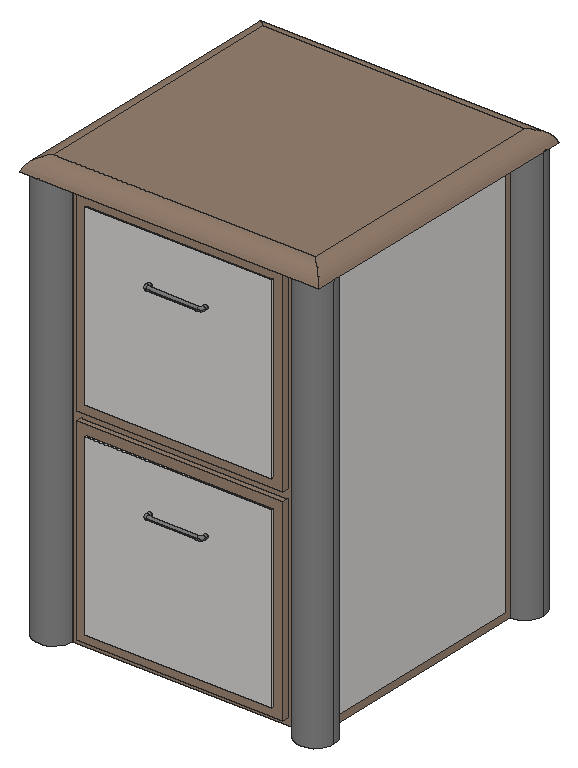
Revit family "Under Desk File Cabinet", category Furniture, Revit 2012
Parameters (values of type "23" H x 16" W x 16" W")
  Width = 16"
  Main Body = File Cabinet Body
  Height = 23"
  Depth = 16"
  Decorative Pillars = File Cabinet Pillars
  Decorative Metal Panel = File Cabinet Decorative Panels
Reference planes (in)
  plane 1 "Center Front/Back": y = 0
  plane 2: z = 0
  plane 3 "Center Left/Right": x = 0
  plane 4: x = 16
  plane 5: y = 16
  plane 6: z = 23
  plane 7: z = 22.25
  plane 8: z = 21.875
  plane 9: z = 0.375
  plane 10: z = 11.125
  plane 11: z = 11.375
  plane 12: z = 10.875
  plane 13: x = 2.5
  plane 14: x = 13.5
  plane 15: y = -0.375
  plane 16 "Drawer Pull CL": z = 18.875
  plane 17: z = 7.875
Forms (in)
  Extrusion 1, solid, material "File Cabinet Pillars" <- "Decorative Pillars"
    sketch origin (0, 0, 0) x (1, 0, 0) y (0, 1, 0)
      loop
        circle (1, 15) r 1
      loop
        circle (15, 15) r 1
      loop
        circle (15, 1) r 1
      loop
        circle (1, 1) r 1
    from 0 to 22.25
  Extrusion 2, solid, material "File Cabinet Body" <- "Main Body"
    sketch origin (0, 0, 0) x (1, 0, 0) y (0, 1, 0)
      loop
        arc (2, 15) -> (1.7071068, 14.2928932) -> (1, 14) r 1
        line (1, 14) -> (1, 2)
        arc (1, 2) -> (1.7071068, 1.7071068) -> (2, 1) r 1
        line (2, 1) -> (14, 1)
        arc (14, 1) -> (14.2928932, 1.7071068) -> (15, 2) r 1
        line (15, 2) -> (15, 14)
        arc (15, 14) -> (14.2928932, 14.2928932) -> (14, 15) r 1
        line (14, 15) -> (2, 15)
    from 0 to 22.25
  Extrusion 3, solid, material "File Cabinet Body" <- "Main Body"
    sketch origin (0, 0, 0) x (1, 0, 0) y (0, 1, 0)
      loop
        line (0, 0) -> (16, 0) -> (16, 16) -> (0, 16) -> (0, 0)
    from 22.25 to 23
  Sweep 4, void
    path in 3D
      loop
        line (16, 16, 23) -> (0, 16, 23) -> (0, 0, 23) -> (16, 0, 23) -> (16, 16, 23)
    profile origin (16, 8, 23) x (-1, 0, 0) y (0, 0, 1)
      loop
        line (0, 0) -> (0, -0.75)
        arc (0, -0.75) -> (0.375, -0.2083333) -> (1, 0) r 1.0416667
        line (1, 0) -> (0, 0)
  Extrusion 5, solid, material "File Cabinet Body" <- "Main Body"
    sketch origin (0, 0, 0) x (1, 0, 0) y (0, 0, 1)
      loop
        line (2.5, 11.375) -> (13.5, 11.375) -> (13.5, 21.875) -> (2.5, 21.875) -> (2.5, 11.375)
      loop
        line (2.5, 10.875) -> (2.5, 0.375) -> (13.5, 0.375) -> (13.5, 10.875) -> (2.5, 10.875)
    from -1 to -0.6757813
  Extrusion 6, solid, material "File Cabinet Decorative Panels" <- "Decorative Metal Panel"
    sketch origin (15, 14, 0) x (0, -1, 0) y (0, 0, -1)
      loop
        line (11.5, -21.75) -> (11.5, -0.5) -> (0.5, -0.5) -> (0.5, -21.75) -> (11.5, -21.75)
    from 0 to 0.125
  Extrusion 7, solid, material "File Cabinet Decorative Panels" <- "Decorative Metal Panel"
    sketch origin (0, 0.6757813, 0) x (1, 0, 0) y (0, 0, 1)
      loop
        line (3, 21.375) -> (3, 11.875) -> (13, 11.875) -> (13, 21.375) -> (3, 21.375)
      loop
        line (3, 10.375) -> (3, 0.875) -> (13, 0.875) -> (13, 10.375) -> (3, 10.375)
    from 0 to 0.125
  Extrusion 8, solid, material "File Cabinet Decorative Panels" <- "Decorative Metal Panel"
    sketch origin (1, 2, 0) x (0, 1, 0) y (0, 0, -1)
      loop
        line (11.5, -0.5) -> (0.5, -0.5) -> (0.5, -21.75) -> (11.5, -21.75) -> (11.5, -0.5)
    from 0 to 0.125
  Sweep 9, solid, material "File Cabinet Pillars" <- "Decorative Pillars"
    path origin (0, 0, 18.875) x (-1, 0, 0) y (0, -1, 0)
      loop
        line (-9.5, -0.5507813) -> (-9.5, -0.375)
        arc (-9.5, -0.375) -> (-9.4633883, -0.2866117) -> (-9.375, -0.25) r 0.125
        line (-9.375, -0.25) -> (-6.625, -0.25)
        arc (-6.625, -0.25) -> (-6.5366117, -0.2866117) -> (-6.5, -0.375) r 0.125
        line (-6.5, -0.375) -> (-6.5, -0.5507813)
    profile origin (8, 0.25, 18.875) x (0, -1, 0) y (0, 0, 1)
      loop
        circle (0, 0) r 0.1005854
  Sweep 10, solid, material "File Cabinet Pillars" <- "Decorative Pillars"
    path origin (0, 0, 7.875) x (-1, 0, 0) y (0, -1, 0)
      loop
        line (-9.5, -0.5507813) -> (-9.5, -0.375)
        arc (-9.5, -0.375) -> (-9.4633883, -0.2866117) -> (-9.375, -0.25) r 0.125
        line (-9.375, -0.25) -> (-6.625, -0.25)
        arc (-6.625, -0.25) -> (-6.5366117, -0.2866117) -> (-6.5, -0.375) r 0.125
        line (-6.5, -0.375) -> (-6.5, -0.5507813)
    profile origin (8, 0.25, 7.875) x (0, -1, 0) y (0, 0, 1)
      loop
        circle (0, 0) r 0.1005854
Cuts and joins
  Sweep 4 cuts Extrusion 3
Lines and regions (in)
  sketch lines
    curve 1: line (16, 0, 23) -> (16, 16, 23)
    curve 2: line (16, 16, 23) -> (0, 16, 23)
    curve 3: line (0, 16, 23) -> (0, 0, 23)
    curve 4: line (0, 0, 23) -> (16, 0, 23)
Dimensions and locks (in)
  "Width": plane 3 "Center Left/Right" to plane 4
  "Depth": plane 5 to plane 1 "Center Front/Back"
  "Height": plane 6 to level
  plane 6 to plane 7 = 3/4"
  locked: plane 7 to plane 8 at 0.375
  locked: plane 9 to level at 0.375
  equal spacing: plane 8, plane 10, plane 9
  plane 11 to plane 10 to plane 12 = 1/4" locked, 1/4" locked
  locked: plane 14 to plane 4 at 2.5
  locked: plane 13 to plane 3 "Center Left/Right" at 2.5
  locked: plane 15 to plane 1 "Center Front/Back" at 0.375
  locked: plane 8 to plane 16 "Drawer Pull CL" at 3
  locked: plane 12 to plane 17 at 3
  aligned and locked: level to plane 2
  aligned and locked: plane 7 to Extrusion 2
  aligned and locked: plane 7 to Extrusion 1
  aligned and locked: plane 1 "Center Front/Back" to Extrusion 3 sketch curve
  aligned and locked: Extrusion 3 sketch curve to plane 3 "Center Left/Right"
  aligned and locked: plane 5 to Extrusion 3 sketch curve
  aligned and locked: Extrusion 3 sketch curve to plane 4
  aligned and locked: plane 6 to Extrusion 3
  aligned and locked: Extrusion 3 to plane 7
  aligned and locked: Extrusion 5 sketch curve to plane 14
  aligned and locked: Extrusion 5 sketch curve to plane 11
  aligned and locked: Extrusion 5 sketch curve to plane 13
  aligned and locked: plane 8 to Extrusion 5 sketch curve
  aligned and locked: Extrusion 5 sketch curve to plane 12
  aligned and locked: plane 13 to Extrusion 5 sketch curve
  aligned and locked: plane 9 to Extrusion 5 sketch curve
  aligned and locked: plane 14 to Extrusion 5 sketch curve
  aligned and locked: Extrusion 5 to Extrusion 2
Automatic sketch dimensions
  plane 3 "Center Left/Right" to Extrusion 1 sketch curve = 1"  (x2)
  plane 4 to Extrusion 1 sketch curve = 1"  (x2)
  Extrusion 1 sketch curve to plane 1 "Center Front/Back" = 1"  (x2)
  Extrusion 1 sketch curve to plane 5 = 1"  (x2)
  plane 3 "Center Left/Right" to Extrusion 2 sketch curve = 1"
  Extrusion 2 sketch curve to plane 13 = 1/2"  (x2)
  Extrusion 2 sketch curve to plane 14 = 1/2"  (x2)
  plane 4 to Extrusion 2 sketch curve = 1"
  Extrusion 2 sketch curve to plane 1 "Center Front/Back" = 1"
  Extrusion 2 sketch curve to plane 5 = 2"
  Sweep 4 sketch curve to profile plane = 0"  (x2)
  Sweep 4 sketch curve to profile plane = 1"
  Sweep 4 sketch curve to profile plane = 3/4"
  Extrusion 6 sketch curve to Extrusion 2 = 1/2"
  Extrusion 2 to Extrusion 6 sketch curve = 1/2"  (x3)
  Extrusion 7 sketch curve to Extrusion 5 = 1/2"  (x8)
  Extrusion 8 sketch curve to Extrusion 2 = 1/2"
  Extrusion 2 to Extrusion 8 sketch curve = 1/2"  (x3)
  Sweep 9 sketch curve to plane 1 "Center Front/Back" = 141/256"
  plane 14 to Sweep 9 sketch curve = 4"
  Sweep 9 sketch curve to Sweep 9 sketch curve = 1/8"  (x2)
  Sweep 9 sketch curve to plane 1 "Center Front/Back" = 1/4"
  Sweep 9 sketch curve to Sweep 9 sketch curve = 2 3/4"
  Sweep 9 sketch curve to Sweep 9 sketch curve = 45/256"
  Sweep 9 sketch curve to plane 16 "Drawer Pull CL" = 0"
  Sweep 9 sketch curve to profile plane = 0"
  Sweep 10 sketch curve to plane 1 "Center Front/Back" = 141/256"
  plane 14 to Sweep 10 sketch curve = 4"
  Sweep 10 sketch curve to Sweep 10 sketch curve = 1/8"  (x2)
  Sweep 10 sketch curve to plane 1 "Center Front/Back" = 1/4"
  Sweep 10 sketch curve to Sweep 10 sketch curve = 2 3/4"
  Sweep 10 sketch curve to Sweep 10 sketch curve = 45/256"
  Sweep 10 sketch curve to profile plane = 0"  (x2)
  radius of Extrusion 1 sketch curve = 1"  (x4)
  radius of Sweep 9 sketch curve = 0.10059"
  radius of Sweep 10 sketch curve = 0.10059"
